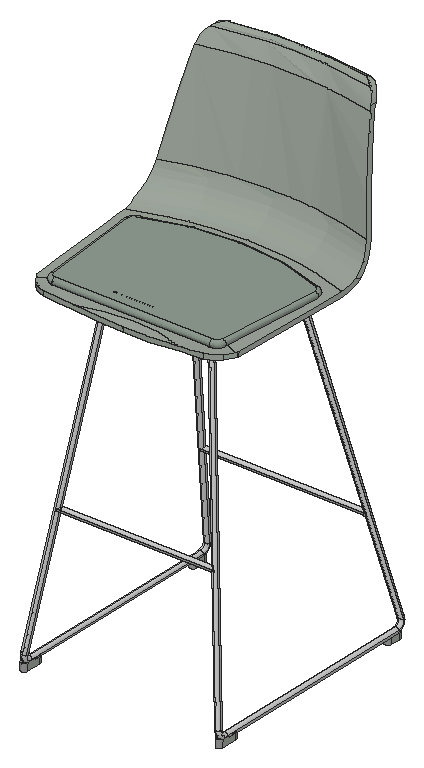
Revit family "FU_Stool_Sandler_VARYA_0069", category Furniture, Revit 2020
Family settings
  OmniClass Number = 23.21.23.15.17
  Work Plane-Based = Yes
  Always vertical = No
  Cut with Voids When Loaded = No
  Shared = No
  Room Calculation Point = No
Parameters (values of type "VARYA 0069")
  width = 465.000 mm
  Youtube clip = ""
  Uniformat II Description = "Movable Furnishings"
  Uniformat II Code = ""
  Uniclass 2015 Name = ""
  Uniclass 2015 Code = ""
  Uniclass 2.0 Description = ""
  Uniclass 2.0 Code = ""
  Uniclass 1.4 Description = ""
  Uniclass 1.4 Code = ""
  URL = "https://www.sandlerseating.com/product/varya-0069/"
  UNSPSC Code = ""
  Shell = TP02 : TP02
  Seat Material [instance] = Fabric - Mainline Flax - Bayswater MLF24
  Height = 1120.000 mm
  Frame = BS19_Sled : BS19_Sled
  Technical description = ""
  Shell Material = Polypropylene - M2_V74
  Height Frame = 753.100 mm
  Frame Material = Metal - Chrome - Polished
  Depth = 515.000 mm
  401D = no
  Region South America = "All"
  Region Oceania = "All"
  Region North America = "All"
  Region Middle East = "All"
  Region Europe = "All"
  Region Asia = "All"
  Region Antarctica = "All"
  Region Africa = "All"
  QR code = "https://www.sandlerseating.com/product/varya-0069/"
  Product url = ""
  Product name = "VARYA 0069"
  Product group = "Chair"
  Product family = "Furniture"
  Product data url = "https://www.sandlerseating.com/product/varya-0069/"
  Product certification = ""
  Product SKU = "??"
  Product Guid = "??"
  OmniClass Description = ""
  OmniClass Code = "23-21 23 15 17"
  NBS Reference Description = ""
  NBS Reference Code = ""
  Model = "VARYA 0069"
  Masterformat 2014 Description = "Chair Mats"
  Masterformat 2014 Code = "12 48 43.13"
  Manufacturer name = "Sandler"
  Manufacturer country = "USA"
  Manufacturer = "Sandler"
  401G = no
  Installation instructions = ""
  IFC Classification = "Furnishing Element"
  GTIN code = ""
  Edition number = 1
  Design country = ""
  Description = "High back barstool with polypropylene shell, round steel tube sled base and upholstered seat. Greenguard Certified."
  Default Elevation = 1219.200 mm
  Date of publishing = ""
  COBIe Type Category = ""
  Brand url = "https://www.sandlerseating.com/"
  BIMobject main category code = "furniture"
  BIMobject main category = "Furniture"
  BIMobject category code = "furniture-chair"
  BIMobject category = "Chair"
Reference planes
  plane 1 "Center Front/Back": y = 0
  plane 2: z = 0
  plane 3 "Center Left/Right": x = 0
  plane 4 "Heigth Shell": z = 753.1
  plane 5 "Height": z = 1120
  plane 6 "Front": y = -257.5
  plane 7 "Back": y = 257.5
  plane 8 "Right": x = -232.5
  plane 9 "Left": x = 232.5
Dimensions and locks
  equal spacing: plane 8 "Right", plane 3 "Center Left/Right", plane 9 "Left"
  "width": plane 8 "Right" to plane 9 "Left"
  equal spacing: plane 6 "Front", plane 1 "Center Front/Back", plane 7 "Back"
  "Depth": plane 6 "Front" to plane 7 "Back"
  "Height": plane 5 "Height" to level
  aligned and locked: level to plane 2
Nested families
  nested 1: "BS19_Sled" at (1.648, 1.25, 0), type <- "Frame", Frame Material <- "Frame Material", type "BS19_Sled"
    with Frame Material Metal - Chrome - Polished
  nested 2: "TP02" at (0, 15, 707.354), Shell Material <- "Shell Material", Seat Material <- "Seat Material", type "TP02"
    with Shell Material Polypropylene - M2_V74, Seat Material Fabric - Mainline Flax - Bayswater MLF24
Definition of nested family "BS19_Sled"
  Parameters (values of type "BS19_Sled")
    Frame Material [instance] = none
    Default Elevation = 0.000 mm
  Reference planes
    plane 1 "Center (Front/Back)": y = 0
    plane 2: z = 0
    plane 3 "Center (Left/Right)": x = 0
    plane 4 "Sled Right": x = -221
    plane 5 "Sled Left": x = 221
    plane 6 "Sled Back": y = 257.586
    plane 7 "Sled Front": y = -257.586
    plane 8 "Sled Base RC TOP": x = -215.033
    plane 9 "Sled Base LC TOP": x = 215.033
    plane 10 "Sled Base Height RIGHT": z = 33.049
    plane 11 "FRL Angle FRONT": through (-117.028, -1524, 733) normal (0.9907, 0, -0.1364)
    plane 12 "FLL Angle FRONT": through (117.028, -1524, 733) normal (0.9907, 0, 0.1364)
    plane 13 "Front Frame Top FRONT": z = 746.578
    plane 14 "Front Angle RIGHT": through (4267.2, -144.488, 746.726) normal (0, 0.9889, -0.1484)
    plane 15 "Sled Base C RIGHT": z = 15.919
    plane 16 "Back Frame Angle C RIGHT": through (4267.2, 83.284, 734.626) normal (0, 0.9724, 0.2333)
    plane 17 "Back Frame Top": z = 734.626
    plane 18 "Top Support C TOP": x = -90.021
  Forms (mm)
    Sweep 1, solid, material <- "Frame Material"
      path origin (213.878, 0, 29.442) x (-0.136372, 0, 0.990658) y (0, -1, 0)
        loop
          line (8.696, 250.6) -> (3.75, 251.335)
          arc (3.75, 251.335) -> (-8.277, 247.877) -> (-13.497, 236.504) r 15
          line (-13.497, 236.504) -> (-13.497, -235.191)
          arc (-13.497, -235.191) -> (-7.39, -247.765) -> (6.269, -250.741) r 16
      profile "Pro_Circles : 12mm" origin (213.029, -250.968, 35.607) x (-0.020045, -0.989139, 0.145613) y (-0.990658, 0, -0.136372)
        loop
          arc (-5.967, 0.067) -> (-4.287, -4.192) -> (-0.067, -5.967) r 5.901
          arc (-0.067, -5.967) -> (4.24, -4.24) -> (5.967, 0.067) r 5.902
          arc (5.967, 0.067) -> (4.192, 4.286) -> (-0.067, 5.967) r 5.901
          arc (-0.067, 5.967) -> (-4.238, 4.238) -> (-5.967, 0.067) r 5.9
    Sweep 2, solid, material <- "Frame Material"
      path origin (0, -250.895, 37.65) x (0, 0.148402, 0.988927) y (1, 0, 0)
        loop
          line (-4.182, -213.234) -> (703.99, -114.657)
          arc (703.99, -114.657) -> (713.236, -109.649) -> (716.922, -99.801) r 15
          line (716.922, -99.801) -> (716.922, 99.801)
          arc (716.922, 99.801) -> (713.236, 109.649) -> (703.99, 114.657) r 15
          line (703.99, 114.657) -> (-4.182, 213.234)
      profile "Pro_Circles : 12mm" origin (-163.946, -198.968, 383.68) x (0.99045, -0.02046, -0.136343) y (0, 0.988927, -0.148402)
        loop
          arc (-5.967, 0.067) -> (-4.287, -4.192) -> (-0.067, -5.967) r 5.901
          arc (-0.067, -5.967) -> (4.24, -4.24) -> (5.967, 0.067) r 5.902
          arc (5.967, 0.067) -> (4.192, 4.286) -> (-0.067, 5.967) r 5.901
          arc (-0.067, 5.967) -> (-4.238, 4.238) -> (-5.967, 0.067) r 5.9
    Sweep 3, solid, material <- "Frame Material"
      path origin (-213.878, 0, 29.442) x (0.136372, 0, 0.990658) y (0, -1, 0)
        loop
          line (8.696, 250.6) -> (3.75, 251.335)
          arc (3.75, 251.335) -> (-8.277, 247.877) -> (-13.497, 236.504) r 15
          line (-13.497, 236.504) -> (-13.497, -235.191)
          arc (-13.497, -235.191) -> (-7.39, -247.765) -> (6.269, -250.741) r 16
      profile "Pro_Circles : 12mm" origin (-213.029, -250.968, 35.607) x (-0.020045, 0.989139, -0.145613) y (0.990658, 0, -0.136372)
        loop
          arc (5.967, 0.067) -> (4.238, 4.238) -> (0.067, 5.967) r 5.9
          arc (0.067, 5.967) -> (-4.192, 4.286) -> (-5.967, 0.067) r 5.901
          arc (-5.967, 0.067) -> (-4.24, -4.24) -> (0.067, -5.967) r 5.902
          arc (0.067, -5.967) -> (4.287, -4.192) -> (5.967, 0.067) r 5.901
    Sweep 4, solid, material <- "Frame Material"
      path origin (0, 245.392, 58.867) x (0, -0.233272, 0.972411) y (1, 0, 0)
        loop
          line (-26.527, -213.399) -> (681.237, -119.033)
          arc (681.237, -119.033) -> (691.543, -113.259) -> (695.078, -101.987) r 16
          line (695.078, -101.987) -> (687.493, 0) -> (695.078, 101.987)
          arc (695.078, 101.987) -> (691.543, 113.259) -> (681.237, 119.033) r 16
          line (681.237, 119.033) -> (-26.527, 213.399)
      profile "Pro_Circles : 12mm" origin (-166.216, 169.029, 377.191) x (0.991228, 0.030829, -0.128514) y (0, 0.972411, 0.233272)
        loop
          arc (-5.967, 0.067) -> (-4.287, -4.192) -> (-0.067, -5.967) r 5.901
          arc (-0.067, -5.967) -> (4.24, -4.24) -> (5.967, 0.067) r 5.902
          arc (5.967, 0.067) -> (4.192, 4.286) -> (-0.067, 5.967) r 5.901
          arc (-0.067, 5.967) -> (-4.238, 4.238) -> (-5.967, 0.067) r 5.9
    Extrusion 5, solid, material <- "Frame Material"
      sketch origin (0, 0, 0) x (0, 1, 0) y (0, 0, 1)
        loop
          circle (-209.077, 316.163) r 6
      from -174 to 174
    Extrusion 6, solid, material <- "Frame Material"
      sketch origin (0, 0, 0) x (0, 1, 0) y (0, 0, 1)
        loop
          circle (198.973, 252.367) r 6
      from -182 to 182
    Sweep 7, solid, material <- "Frame Material"
      path origin (-90.021, 0, 0) x (0, -1, 0) y (0, 0, 1)
        loop
          line (144.488, 746.726) -> (-83.284, 734.626)
      profile origin (-90.021, -30.602, 740.676) x (0, -0.053049, -0.998592) y (-1, 0, 0)
        loop
          arc (5.752, 5.979) -> (0, 11.731) -> (-5.752, 5.979) r 5.752
          line (-5.752, 5.979) -> (-5.752, -5.979)
          arc (-5.752, -5.979) -> (0, -11.731) -> (5.752, -5.979) r 5.752
          line (5.752, -5.979) -> (5.752, 5.979)
    Sweep 8, solid, material <- "Frame Material"
      path origin (90.021, 0, 0) x (0, -1, 0) y (0, 0, -1)
        loop
          line (144.488, -746.726) -> (-83.284, -734.626)
      profile origin (90.021, -30.602, 740.676) x (0, 0.053049, 0.998592) y (1, 0, 0)
        loop
          line (-5.752, 5.979) -> (-5.752, -5.979)
          arc (-5.752, -5.979) -> (0, -11.731) -> (5.752, -5.979) r 5.752
          line (5.752, -5.979) -> (5.752, 5.979)
          arc (5.752, 5.979) -> (0, 11.731) -> (-5.752, 5.979) r 5.752
    Extrusion 9, solid
      sketch origin (0, 0, 0) x (1, 0, 0) y (0, 1, 0)
        loop
          arc (-207.533, -215.596) -> (-215.033, -208.096) -> (-222.533, -215.596) r 7.5
          line (-222.533, -215.596) -> (-222.533, -249.153)
          arc (-222.533, -249.153) -> (-215.033, -256.653) -> (-207.533, -249.153) r 7.5
          line (-207.533, -249.153) -> (-207.533, -215.596)
      from 0 to 15.919
    Extrusion 10, solid
      sketch origin (0, -12.421, 0) x (1, 0, 0) y (0, 1, 0)
        loop
          line (-207.533, 227.471) -> (-207.533, 249.153)
          arc (-207.533, 249.153) -> (-215.033, 256.653) -> (-222.533, 249.153) r 7.5
          line (-222.533, 249.153) -> (-222.533, 227.471)
          arc (-222.533, 227.471) -> (-215.033, 219.971) -> (-207.533, 227.471) r 7.5
      from 0 to 15.919
    Extrusion 11, solid
      sketch origin (0, 0, 0) x (-1, 0, 0) y (0, -1, 0)
        loop
          line (-207.533, 215.596) -> (-207.533, 249.153)
          arc (-207.533, 249.153) -> (-215.033, 256.653) -> (-222.533, 249.153) r 7.5
          line (-222.533, 249.153) -> (-222.533, 215.596)
          arc (-222.533, 215.596) -> (-215.033, 208.096) -> (-207.533, 215.596) r 7.5
      from 0 to 15.919
    Extrusion 12, solid
      sketch origin (0, -12.421, 0) x (-1, 0, 0) y (0, -1, 0)
        loop
          arc (-207.533, -227.471) -> (-215.033, -219.971) -> (-222.533, -227.471) r 7.5
          line (-222.533, -227.471) -> (-222.533, -249.153)
          arc (-222.533, -249.153) -> (-215.033, -256.653) -> (-207.533, -249.153) r 7.5
          line (-207.533, -249.153) -> (-207.533, -227.471)
      from 0 to 15.919
  Dimensions and locks
    equal spacing: plane 4 "Sled Right", plane 3 "Center (Left/Right)", plane 5 "Sled Left"
    plane 4 "Sled Right" to plane 5 "Sled Left" = 442.000 mm
    equal spacing: plane 6 "Sled Back", plane 1 "Center (Front/Back)", plane 7 "Sled Front"
    plane 6 "Sled Back" to plane 7 "Sled Front" = 515.171 mm
    aligned and locked: level to plane 2
  Automatic sketch dimensions
    Sweep 1 sketch curve to plane 7 "Sled Front" = 21.082 mm
    Sweep 1 sketch curve to Sweep 1 sketch curve = 15.000 mm
    Sweep 1 sketch curve to Sweep 1 sketch curve = 16.000 mm
    Sweep 1 sketch curve to plane 7 "Sled Front" = 6.251 mm
    plane 6 "Sled Back" to Sweep 1 sketch curve = 22.395 mm
    plane 6 "Sled Back" to Sweep 1 sketch curve = 6.844 mm
    Sweep 1 sketch curve to plane 7 "Sled Front" = 6.986 mm
    Sweep 1 sketch curve to Sweep 1 sketch curve = 4.946 mm
    plane 3 "Center (Left/Right)" to Sweep 2 sketch curve = 99.801 mm
    plane 18 "Top Support C TOP" to Sweep 2 sketch curve = 9.779 mm
    Sweep 2 sketch curve to Sweep 2 sketch curve = 0.000 mm  (x2)
    plane 18 "Top Support C TOP" to Sweep 2 sketch curve = 24.636 mm
    Sweep 2 sketch curve to Sweep 2 sketch curve = 2.068 mm
    Sweep 2 sketch curve to plane 9 "Sled Base LC TOP" = 100.376 mm
    Sweep 2 sketch curve to plane 8 "Sled Base RC TOP" = 1.799 mm
    Sweep 2 sketch curve to Sweep 2 sketch curve = 708.172 mm
    Sweep 2 sketch curve to plane 9 "Sled Base LC TOP" = 1.799 mm
    plane 7 "Sled Front" to Sweep 3 sketch curve = 21.082 mm
    Sweep 3 sketch curve to Sweep 3 sketch curve = 15.000 mm
    Sweep 3 sketch curve to Sweep 3 sketch curve = 16.000 mm
    plane 7 "Sled Front" to Sweep 3 sketch curve = 6.251 mm
    Sweep 3 sketch curve to plane 6 "Sled Back" = 22.395 mm
    Sweep 3 sketch curve to plane 6 "Sled Back" = 6.844 mm
    plane 7 "Sled Front" to Sweep 3 sketch curve = 6.986 mm
    Sweep 3 sketch curve to Sweep 3 sketch curve = 4.946 mm
    Sweep 4 sketch curve to plane 3 "Center (Left/Right)" = 0.000 mm
    plane 3 "Center (Left/Right)" to Sweep 4 sketch curve = 103.174 mm
    plane 18 "Top Support C TOP" to Sweep 4 sketch curve = 13.152 mm
    Sweep 4 sketch curve to Sweep 4 sketch curve = 0.000 mm  (x2)
    Sweep 4 sketch curve to plane 9 "Sled Base LC TOP" = 96.000 mm
    Sweep 4 sketch curve to Sweep 4 sketch curve = 2.115 mm  (x2)
    plane 18 "Top Support C TOP" to Sweep 4 sketch curve = 29.012 mm
    Sweep 4 sketch curve to Sweep 4 sketch curve = 8.371 mm
    plane 3 "Center (Left/Right)" to Sweep 4 sketch curve = 101.987 mm
    plane 18 "Top Support C TOP" to Sweep 4 sketch curve = 11.966 mm
    Sweep 4 sketch curve to plane 9 "Sled Base LC TOP" = 1.634 mm
    Sweep 4 sketch curve to Sweep 4 sketch curve = 707.763 mm
    Sweep 4 sketch curve to plane 8 "Sled Base RC TOP" = 1.634 mm
    plane 7 "Sled Front" to Extrusion 5 sketch curve = 48.509 mm
    Extrusion 5 sketch curve to plane 10 "Sled Base Height RIGHT" = 283.114 mm
    Extrusion 6 sketch curve to plane 16 "Back Frame Angle C RIGHT" = 0.000 mm
    Extrusion 6 sketch curve to plane 6 "Sled Back" = 58.612 mm
    Sweep 7 sketch curve to plane 16 "Back Frame Angle C RIGHT" = 0.000 mm
    Sweep 7 sketch curve to plane 17 "Back Frame Top" = 0.000 mm
    plane 14 "Front Angle RIGHT" to Sweep 7 sketch curve = 0.000 mm
    Sweep 7 sketch curve to plane 13 "Front Frame Top FRONT" = 0.148 mm
    profile plane to Sweep 7 sketch curve = 0.000 mm
    profile plane to Sweep 7 sketch curve = 5.752 mm
    Sweep 7 sketch curve to plane 18 "Top Support C TOP" = 5.979 mm
    plane 18 "Top Support C TOP" to Sweep 7 sketch curve = 5.979 mm
    Sweep 8 sketch curve to plane 16 "Back Frame Angle C RIGHT" = 0.000 mm
    Sweep 8 sketch curve to plane 17 "Back Frame Top" = 0.000 mm
    plane 14 "Front Angle RIGHT" to Sweep 8 sketch curve = 0.000 mm
    Sweep 8 sketch curve to plane 13 "Front Frame Top FRONT" = 0.148 mm
    Sweep 8 sketch curve to profile plane = 0.000 mm
    Sweep 8 sketch curve to Sweep 8 sketch curve = 5.752 mm
    Sweep 8 sketch curve to profile plane = 5.979 mm
    profile plane to Sweep 8 sketch curve = 5.979 mm
    Extrusion 9 sketch curve to plane 8 "Sled Base RC TOP" = 0.000 mm
    plane 4 "Sled Right" to Extrusion 9 sketch curve = 1.533 mm
    plane 7 "Sled Front" to Extrusion 9 sketch curve = 8.433 mm
    Extrusion 9 sketch curve to Extrusion 9 sketch curve = 33.557 mm
    Extrusion 10 sketch curve to plane 8 "Sled Base RC TOP" = 0.000 mm
    Extrusion 10 sketch curve to plane 4 "Sled Right" = 1.533 mm
    plane 6 "Sled Back" to Extrusion 10 sketch curve = 20.854 mm
    Extrusion 10 sketch curve to Extrusion 10 sketch curve = 21.682 mm
    Extrusion 11 sketch curve to plane 9 "Sled Base LC TOP" = 0.000 mm
    plane 5 "Sled Left" to Extrusion 11 sketch curve = 1.533 mm
    Extrusion 11 sketch curve to plane 7 "Sled Front" = 8.433 mm
    Extrusion 11 sketch curve to Extrusion 11 sketch curve = 33.557 mm
    Extrusion 12 sketch curve to plane 9 "Sled Base LC TOP" = 0.000 mm
    Extrusion 12 sketch curve to plane 5 "Sled Left" = 1.533 mm
    Extrusion 12 sketch curve to plane 6 "Sled Back" = 20.854 mm
    Extrusion 12 sketch curve to Extrusion 12 sketch curve = 21.682 mm
    radius of Extrusion 5 sketch curve = 6.000 mm
    radius of Extrusion 6 sketch curve = 6.000 mm
Definition of nested family "TP02"
  Parameters (values of type "TP02")
    Youtube clip = ""
    Uniformat II Description = "Movable Furnishings"
    Uniformat II Code = ""
    Uniclass 2015 Name = ""
    Uniclass 2015 Code = ""
    Uniclass 2.0 Description = ""
    Uniclass 2.0 Code = ""
    Uniclass 1.4 Description = ""
    Uniclass 1.4 Code = ""
    UNSPSC Code = ""
    Technical description = ""
    Seat Material [instance] = none
    Default Elevation = 1219.200 mm
    401D = no
    Region South America = "All"
    Region Oceania = "All"
    Region North America = "All"
    Region Middle East = "All"
    Region Europe = "All"
    Region Asia = "All"
    Region Antarctica = "All"
    Region Africa = "All"
    QR code = ""
    Product url = ""
    Product name = ""
    Product group = "Chair"
    Product family = "Furniture"
    Product data url = ""
    Product certification = ""
    Product SKU = "??"
    Product Guid = "??"
    OmniClass Description = ""
    OmniClass Code = "23-21 23 15 17"
    NBS Reference Description = ""
    NBS Reference Code = ""
    Model = ""
    Masterformat 2014 Description = "Chair Mats"
    Masterformat 2014 Code = "12 48 43.13"
    Manufacturer name = "Sandler"
    Manufacturer country = "USA"
    Manufacturer = "Sandler"  # constant formula
    401G = yes
    Installation instructions = ""
    IFC Classification = "Furnishing Element"
    GTIN code = ""
    Edition number = 1
    Design country = ""
    Description = "Chair"  # constant formula
    Date of publishing = ""
    COBIe Type Category = ""
    Brand url = "https://www.sandlerseating.com/"
    Shell Material [instance] = none
    BIMobject main category code = "furniture"
    BIMobject main category = "Furniture"
    BIMobject category code = "furniture-chair"
    BIMobject category = "Chair"
  Reference planes
    plane 1 "Center Front/Back": y = 0
    plane 2: z = 0
    plane 3 "Center Left/Right": x = 0
    plane 4: y = 234.279
    plane 5: x = 400
    plane 6: x = -400
    plane 7: y = -500
    plane 8: x = -600
    plane 9: x = 600
    plane 10 "Pivo": y = -89.33
  Forms (mm)
    SweptBlend 1, solid, material <- "Shell Material"
      path origin (5.681, -212.5, 0) x (1, 0, 0) y (0, 1, 0)
        loop
          arc (-317.221, 139.285) -> (-9.402, 229.926) -> (301.107, 148.975) r 600
      profile "Profile Lateral : Profile Lateral" origin (-311.539, -73.215, 0) x (-0.528701, 0.848808, 0) y (0, 0, 1)
        loop
          arc (220.072, 373.875) -> (220.776, 379.083) -> (216.324, 381.876) r 4.851
          arc (216.324, 381.876) -> (209.979, 378.228) -> (205.376, 372.537) r 19.958
          arc (205.376, 372.537) -> (196.162, 356.573) -> (188.635, 339.748) r 179.403
          arc (188.635, 339.748) -> (162.543, 233.058) -> (144.335, 124.743) r 1498.854
          arc (144.335, 124.743) -> (120.197, 79.841) -> (74.028, 58.225) r 81.068
          line (74.028, 58.225) -> (-180.577, 50.222)
          arc (-180.577, 50.222) -> (-217.915, 49.974) -> (-255.089, 46.48) r 428.848
          arc (-255.089, 46.48) -> (-277.323, 40.838) -> (-297.701, 30.309) r 100.67
          arc (-297.701, 30.309) -> (-299.067, 23.371) -> (-292.129, 22.005) r 5
          arc (-292.129, 22.005) -> (-273.768, 31.491) -> (-253.736, 36.572) r 90.67
          arc (-253.736, 36.572) -> (-217.251, 39.995) -> (-180.606, 40.216) r 418.848
          line (-180.606, 40.216) -> (74.763, 48.243)
          arc (74.763, 48.243) -> (126.989, 72.501) -> (154.223, 123.238) r 91.068
          arc (154.223, 123.238) -> (172.269, 230.706) -> (198.126, 336.566) r 1488.854
          arc (198.126, 336.566) -> (205.277, 352.434) -> (214.019, 367.485) r 169.403
          arc (214.019, 367.485) -> (216.964, 370.757) -> (220.072, 373.875) r 86.344
      end profile "Profile Lateral : Profile Lateral" origin (306.788, -63.525, 0) x (0.501844, 0.864958, 0) y (0, 0, 1)
        loop
          arc (220.072, 373.875) -> (220.776, 379.083) -> (216.324, 381.876) r 4.851
          arc (216.324, 381.876) -> (209.979, 378.228) -> (205.376, 372.537) r 19.958
          arc (205.376, 372.537) -> (196.162, 356.573) -> (188.635, 339.748) r 179.403
          arc (188.635, 339.748) -> (162.543, 233.058) -> (144.335, 124.743) r 1498.854
          arc (144.335, 124.743) -> (120.197, 79.841) -> (74.028, 58.225) r 81.068
          line (74.028, 58.225) -> (-180.577, 50.222)
          arc (-180.577, 50.222) -> (-217.915, 49.974) -> (-255.089, 46.48) r 428.848
          arc (-255.089, 46.48) -> (-277.323, 40.838) -> (-297.701, 30.309) r 100.67
          arc (-297.701, 30.309) -> (-299.067, 23.371) -> (-292.129, 22.005) r 5
          arc (-292.129, 22.005) -> (-273.768, 31.491) -> (-253.736, 36.572) r 90.67
          arc (-253.736, 36.572) -> (-217.251, 39.995) -> (-180.606, 40.216) r 418.848
          line (-180.606, 40.216) -> (74.763, 48.243)
          arc (74.763, 48.243) -> (126.989, 72.501) -> (154.223, 123.238) r 91.068
          arc (154.223, 123.238) -> (172.269, 230.706) -> (198.126, 336.566) r 1488.854
          arc (198.126, 336.566) -> (205.277, 352.434) -> (214.019, 367.485) r 169.403
          arc (214.019, 367.485) -> (216.964, 370.757) -> (220.072, 373.875) r 86.344
    Extrusion 2, void
      sketch origin (5.681, 0, 0) x (1, 0, 0) y (0, 1, 0)
        loop
          line (-247.765, 106.22) -> (-247.765, 266.22) -> (-487.765, 266.22) -> (-487.765, -333.78) -> (-7.5, -333.78) -> (472.765, -333.78) -> (472.765, 266.22) -> (232.765, 266.22) -> (232.765, 106.22) -> (213.357, -213.191)
          arc (213.357, -213.191) -> (196.502, -241.247) -> (166.837, -255.077) r 55.957
          arc (166.837, -255.077) -> (79.688, -257.728) -> (-7.5, -258.12) r 3363.946
          arc (-7.5, -258.12) -> (-94.688, -257.728) -> (-181.837, -255.077) r 3363.946
          arc (-181.837, -255.077) -> (-211.502, -241.247) -> (-228.357, -213.191) r 55.957
          line (-228.357, -213.191) -> (-247.765, 106.22)
      from 0 to 250
    Extrusion 3, void
      sketch origin (5.681, 0, 0) x (1, 0, 0) y (0, 0, 1)
        loop
          line (232.252, 65.67) -> (445.023, 65.67) -> (445.023, 415.67) -> (145.999, 415.67) -> (145.999, 382.34)
          arc (145.999, 382.34) -> (169.969, 371.303) -> (183.516, 348.657) r 44.637
          line (183.516, 348.657) -> (232.252, 65.67)
        loop
          line (-246.936, 65.67) -> (-200.298, 330.165) -> (-196.12, 348.236)
          arc (-196.12, 348.236) -> (-183.265, 370.366) -> (-160.18, 381.415) r 43.434
          line (-160.18, 381.415) -> (-160.18, 415.67) -> (-460.023, 415.67) -> (-460.023, 65.67) -> (-246.936, 65.67)
      from -241.575 to -47.482
    Extrusion 4, solid, material <- "Seat Material"
      sketch origin (7.5, 0, 0) x (1, 0, 0) y (0, 1, 0)
        loop
          arc (-209.681, 32.791) -> (-219.206, 24.695) -> (-222.063, 12.524) r 20
          line (-222.063, 12.524) -> (-201.985, -216.973)
          arc (-201.985, -216.973) -> (-195.573, -229.976) -> (-182.061, -235.23) r 20
          line (-182.061, -235.23) -> (165.399, -235.23)
          arc (165.399, -235.23) -> (178.911, -229.976) -> (185.323, -216.973) r 20
          line (185.323, -216.973) -> (205.402, 12.524)
          arc (205.402, 12.524) -> (202.545, 24.695) -> (193.019, 32.791) r 20
          arc (193.019, 32.791) -> (-8.331, 72.209) -> (-209.681, 32.791) r 533.965
      from 50.222 to 65
    Sweep 5, void
      path in 3D
        loop
          arc (172.899, -235.23, 65) -> (186.411, -229.976, 65) -> (192.823, -216.973, 65) r 20
          line (192.823, -216.973, 65) -> (212.902, 12.524, 65)
          arc (212.902, 12.524, 65) -> (210.045, 24.695, 65) -> (200.519, 32.791, 65) r 20
          arc (200.519, 32.791, 65) -> (-0.831, 72.209, 65) -> (-202.181, 32.791, 65) r 533.965
          arc (-202.181, 32.791, 65) -> (-211.706, 24.695, 65) -> (-214.563, 12.524, 65) r 20
          line (-214.563, 12.524, 65) -> (-194.485, -216.973, 65)
          arc (-194.485, -216.973, 65) -> (-188.073, -229.976, 65) -> (-174.561, -235.23, 65) r 20
          line (-174.561, -235.23, 65) -> (172.899, -235.23, 65)
      profile origin (-0.831, -235.23, 65) x (0, 1, 0) y (0, 0, 1)
        loop
          line (7.389, 0) -> (-2.611, 0) -> (-2.611, -14.778) -> (7.389, -14.778)
          arc (7.389, -14.778) -> (0, -7.389) -> (7.389, 0) r 7.389
  Cuts and joins
    Extrusion 2, Extrusion 3 cuts SweptBlend 1
    Sweep 5 cuts Extrusion 4
  Lines and regions (mm)
    sketch lines
      curve 1: line (-174.561, -235.23, 65) -> (172.899, -235.23, 65)
      curve 2: arc (192.823, -216.973, 65) -> (186.411, -229.976, 65) -> (172.899, -235.23, 65) r 20
      curve 3: line (192.823, -216.973, 65) -> (212.902, 12.524, 65)
      curve 4: arc (200.519, 32.791, 65) -> (210.045, 24.695, 65) -> (212.902, 12.524, 65) r 20
      curve 5: arc (-202.181, 32.791, 65) -> (-0.831, 72.209, 65) -> (200.519, 32.791, 65) r 533.965
      curve 6: arc (-214.563, 12.524, 65) -> (-211.706, 24.695, 65) -> (-202.181, 32.791, 65) r 20
      curve 7: line (-214.563, 12.524, 65) -> (-194.485, -216.973, 65)
      curve 8: arc (-174.561, -235.23, 65) -> (-188.073, -229.976, 65) -> (-194.485, -216.973, 65) r 20
  Dimensions and locks
    equal spacing: plane 6, plane 3 "Center Left/Right", plane 5
    plane 6 to plane 3 "Center Left/Right" = 400.000 mm
    aligned and locked: level to plane 2
  Automatic sketch dimensions
    plane 3 "Center Left/Right" to SweptBlend 1 sketch curve = 5.681 mm
    SweptBlend 1 sketch curve to plane 7 = 82.500 mm
    plane 6 to SweptBlend 1 sketch curve = 88.461 mm
    SweptBlend 1 sketch curve to plane 5 = 93.212 mm
    plane 1 "Center Front/Back" to SweptBlend 1 sketch curve = 73.215 mm
    Extrusion 2 sketch curve to plane 3 "Center Left/Right" = 1.819 mm  (x2)
    Extrusion 2 sketch curve to plane 3 "Center Left/Right" = 30.298 mm
    Extrusion 2 sketch curve to plane 3 "Center Left/Right" = 168.378 mm
    Extrusion 2 sketch curve to Extrusion 2 sketch curve = 54.298 mm  (x2)
    plane 6 to Extrusion 2 sketch curve = 157.917 mm
    Extrusion 2 sketch curve to plane 6 = 82.083 mm
    plane 3 "Center Left/Right" to Extrusion 2 sketch curve = 26.661 mm
    plane 3 "Center Left/Right" to Extrusion 2 sketch curve = 164.741 mm
    Extrusion 2 sketch curve to plane 5 = 161.554 mm
    plane 5 to Extrusion 2 sketch curve = 78.446 mm
    plane 1 "Center Front/Back" to Extrusion 2 sketch curve = 213.191 mm  (x2)
    Extrusion 2 sketch curve to Extrusion 2 sketch curve = 13.528 mm  (x2)
    Extrusion 2 sketch curve to plane 1 "Center Front/Back" = 106.220 mm  (x2)
    plane 4 to Extrusion 2 sketch curve = 31.941 mm  (x2)
    Extrusion 2 sketch curve to Extrusion 2 sketch curve = 2839.485 mm
    Extrusion 2 sketch curve to Extrusion 2 sketch curve = 0.000 mm
    plane 7 to Extrusion 2 sketch curve = 166.220 mm
    Extrusion 2 sketch curve to Extrusion 2 sketch curve = 7.778 mm
    Extrusion 3 sketch curve to plane 6 = 54.341 mm
    level to Extrusion 3 sketch curve = 65.670 mm  (x2)
    plane 6 to Extrusion 3 sketch curve = 158.746 mm
    plane 6 to Extrusion 3 sketch curve = 205.383 mm
    Extrusion 3 sketch curve to Extrusion 3 sketch curve = 4.178 mm
    Extrusion 3 sketch curve to Extrusion 3 sketch curve = 35.941 mm
    Extrusion 3 sketch curve to Extrusion 3 sketch curve = 6.377 mm
    plane 3 "Center Left/Right" to Extrusion 3 sketch curve = 145.830 mm
    Extrusion 3 sketch curve to Extrusion 3 sketch curve = 5.851 mm
    plane 5 to Extrusion 3 sketch curve = 50.704 mm
    Extrusion 3 sketch curve to Extrusion 3 sketch curve = 264.495 mm
    Extrusion 3 sketch curve to Extrusion 3 sketch curve = 272.419 mm
    Extrusion 3 sketch curve to Extrusion 3 sketch curve = 8.287 mm
    Extrusion 3 sketch curve to Extrusion 3 sketch curve = 18.071 mm
    Extrusion 3 sketch curve to Extrusion 3 sketch curve = 44.252 mm
    Extrusion 3 sketch curve to Extrusion 3 sketch curve = 34.255 mm
    Extrusion 3 sketch curve to Extrusion 3 sketch curve = 33.330 mm
    Extrusion 3 sketch curve to Extrusion 3 sketch curve = 43.368 mm
    Extrusion 3 sketch curve to plane 5 = 162.066 mm
    Extrusion 4 sketch curve to plane 1 "Center Front/Back" = 12.524 mm  (x2)
    plane 6 to Extrusion 4 sketch curve = 185.437 mm
    Extrusion 4 sketch curve to Extrusion 4 sketch curve = 19.924 mm  (x4)
    plane 6 to Extrusion 4 sketch curve = 205.515 mm
    Extrusion 4 sketch curve to plane 3 "Center Left/Right" = 0.831 mm
    plane 3 "Center Left/Right" to Extrusion 4 sketch curve = 172.899 mm
    Extrusion 4 sketch curve to plane 1 "Center Front/Back" = 14.267 mm  (x2)
    Extrusion 4 sketch curve to Extrusion 4 sketch curve = 20.078 mm
    plane 1 "Center Front/Back" to Extrusion 4 sketch curve = 215.230 mm
    Extrusion 4 sketch curve to Extrusion 4 sketch curve = 1.743 mm
    Extrusion 4 sketch curve to Extrusion 4 sketch curve = 20.000 mm
    plane 7 to Extrusion 4 sketch curve = 38.244 mm
    Extrusion 4 sketch curve to Extrusion 4 sketch curve = 0.000 mm
    Sweep 5 sketch curve to profile plane = 0.000 mm
    Sweep 5 sketch curve to profile plane = 7.389 mm
    Sweep 5 sketch curve to Sweep 5 sketch curve = 7.389 mm
    profile plane to Sweep 5 sketch curve = 2.611 mm
